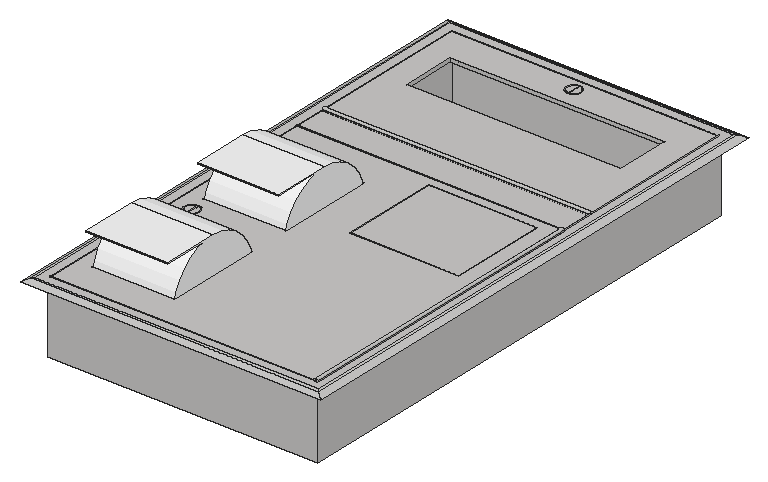
Revit family "Combination_Seat_Cover_Tissue_Dispenser_Napkin_Disposal-Bobrick-ClassicSeries-B-35745", category Specialty Equipment, host Face, Revit 2014
Parameters (values of type "B-35745")
  Width = 17 3/16"  # constant formula
  Warranty Information = "1 Year Limited Warranty"  # constant formula
  URL = "http://www.bobrick.com/"
  Type Comments = ""
  Revised Date = "04/11/2018"  # constant formula
  Product Page URL = "http://www.bobrick.com/washroomaccessories/Pages/ProductDetails.aspx?Product+Number%3DB-35745"
  Product Documentation Link = "http://www.bobrick.com/Documents/B-35745_td.pdf"
  Price = "Prices may vary. Please consult Manufacturer Representative for most up-to-date price list."  # constant formula
  Model = "B-35745"
  Material = "Stainless Steel-Bobrick-Type 304-Satin"
  Length = 3 15/16"  # constant formula
  Installation Type = "Wall Mounted"  # constant formula
  Height = 30 5/8"  # constant formula
  Finish = Stainless Steel-Bobrick-Type 304-Satin
  Manufacturer = "Bobrick"  # constant formula
  Description = "ClassicSeries® Recessed Seat-Cover Dispenser, Sanitary Napkin Disposal, and Toilet Tissue Dispenser"
  Default Elevation = 38 23/32"  # constant formula
  Assembly Code = "E1090900"
Reference planes (in)
  plane 1 "Center (Front/Back)": y = 0
  plane 2: z = 0
  plane 3 "Center (Left/Right)": x = 0
  plane 4: y = 15.3125
  plane 5: x = -8.59375
  plane 6: y = -15.3125
  plane 7: x = 8.59375
  plane 8: y = 14.36893
  plane 9: y = -14.36893
  plane 10: z = -3.9375
  plane 11: z = 0.1875
  plane 12: y = 14.375
  plane 13: y = -14.375
  plane 14: y = 14.91842
  plane 15: y = -14.91842
  plane 16: y = 1.0625
  plane 17: y = -9.6875
Forms (in)
  Sweep 1, solid, material "Stainless Steel-Bobrick-Type 304-Satin" <- "Finish"
    path origin (0, 0, 0) x (1, 0, 0) y (0, 1, 0)
      loop
        line (-8.59375, 15.3125) -> (-8.59375, -15.3125) -> (8.59375, -15.3125) -> (8.59375, 15.3125) -> (-8.59375, 15.3125)
    profile origin (0, 15.3125, 0) x (0, 1, 0) y (0, 0, 1)
      loop
        line (0, 0) -> (-0.33571, 0.15973)
        arc (-0.33571, 0.15973) -> (-0.39567, 0.18047) -> (-0.45873, 0.1875) r 0.28634
        line (-0.45873, 0.1875) -> (-0.94357, 0.1875) -> (-0.94357, -3.86607) -> (-2.44357, -3.86607) -> (-2.44357, -3.9375) -> (-0.88676, -3.9375) -> (-0.88676, 0) -> (0, 0)
  Extrusion 2, solid, material "Stainless Steel-Bobrick-Type 304-Satin" <- "Finish"
    sketch origin (0, 0, 0) x (1, 0, 0) y (0, 1, 0)
      loop
        line (-6.15018, 12.86893) -> (-6.15018, -12.86893) -> (6.15018, -12.86893) -> (6.15018, 12.86893) -> (-6.15018, 12.86893)
    from -3.9375 to -3.86607
  Extrusion 3, solid, material "Stainless Steel-Bobrick-Type 304-Satin" <- "Finish"
    sketch origin (0, 0, 0) x (1, 0, 0) y (0, 1, 0)
      loop
        line (7.43533, -14.33768) -> (7.43533, 3.28125) -> (-7.67574, 3.28125) -> (-7.67574, -14.33768) -> (7.43533, -14.33768)
      loop
        line (-7.67574, 14.39449) -> (-7.67574, 3.3125) -> (7.65018, 3.3125) -> (7.65018, 14.39449) -> (-7.67574, 14.39449)
      loop
        line (-6.15018, 12.38395) -> (-6.15018, 9.26947) -> (6.15018, 9.26947) -> (6.15018, 12.38395) -> (-6.15018, 12.38395)
      loop
        line (-6.75599, 1.0625) -> (-6.75599, -4.54184) -> (-2.00599, -4.54184) -> (-2.00599, 1.0625) -> (-6.75599, 1.0625)
      loop
        line (-6.75599, -6.89994) -> (-6.75599, -12.50428) -> (-2.00599, -12.50428) -> (-2.00599, -6.89994) -> (-6.75599, -6.89994)
      loop
        line (0.32853, 2.76428) -> (0.32853, -2.8986) -> (6.57853, -2.8986) -> (6.57853, 2.76428) -> (0.32853, 2.76428)
      loop
        line (0.35978, 2.73303) -> (0.35978, -2.86735) -> (6.54728, -2.86735) -> (6.54728, 2.73303) -> (0.35978, 2.73303)
    from 0 to 0.1875
  Extrusion 4, solid, material "Stainless Steel-Bobrick-Type 304-Satin" <- "Finish"
    sketch origin (0, 0, 0) x (1, 0, 0) y (0, 0, 1)
      loop
        circle (7.54291, 0.16406) r 0.10637
    from -3.3125 to 14.36893
  Extrusion 5, solid, material "Tissue-Bobrick-White"
    sketch origin (0, 0, 0) x (0, 1, 0) y (0, 0, 1)
      loop
        arc (-10.20209, 2.19062) -> (-9.42915, -3.46819) -> (-9.6875, 2.23731) r 2.8586
        line (-9.6875, 2.23731) -> (-12.9375, 2.23731) -> (-12.9375, 2.19062) -> (-10.20209, 2.19062)
      loop
        arc (-2.23965, 2.19062) -> (-1.46671, -3.46819) -> (-1.72506, 2.23731) r 2.8586
        line (-1.72506, 2.23731) -> (-4.97506, 2.23731) -> (-4.97506, 2.19062) -> (-2.23965, 2.19062)
    from -6.71836 to -2.04555
  Extrusion 6, solid, material "Stainless Steel-Bobrick-Type 304-Satin" <- "Finish"
    sketch origin (13.02867, -2.27169, 0) x (0, 1, 0) y (0, 0, 1)
      loop
        circle (7.54291, 0.16406) r 0.10637
    from -20.70712 to -5.37849
  Extrusion 7, void
    sketch origin (0, 0, 0) x (1, 0, 0) y (0, 1, 0)
      loop
        circle (0, 13.57868) r 0.445
      loop
        circle (0, 13.57868) r 0.36963
      loop
        line (-0.04647, 13.82969) -> (-0.04647, 13.30811) -> (0.04512, 13.30811) -> (0.04512, 13.82969) -> (-0.04647, 13.82969)
      loop
        circle (-6.51687, -5.61185) r 0.445
      loop
        circle (-6.51687, -5.61185) r 0.36963
      loop
        line (-6.56334, -5.36084) -> (-6.56334, -5.88242) -> (-6.47174, -5.88242) -> (-6.47174, -5.36084) -> (-6.56334, -5.36084)
    from 0.09161 to 0.49407
  Extrusion 8, void
    sketch origin (0, 0, 0) x (1, 0, 0) y (0, 1, 0)
      loop
        line (-7.70699, 14.42574) -> (-7.70699, -14.42574) -> (7.70699, -14.42574) -> (7.70699, 14.42574) -> (-7.70699, 14.42574)
    from -3.9375 to 0.65012
Cuts and joins
  Extrusion 7 cuts Extrusion 3
  joined: Sweep 1, Extrusion 2, Extrusion 6
Dimensions and locks (in)
  equal spacing: plane 5, plane 3 "Center (Left/Right)", plane 7
  "Width": plane 5 to plane 7
  equal spacing: plane 4, plane 1 "Center (Front/Back)", plane 6
  "Height": plane 4 to plane 6
  "Length": level to plane 10
  locked: plane 11 to level at 0.1875
  equal spacing: plane 12, plane 1 "Center (Front/Back)", plane 13
  locked: plane 12 to plane 13 at 28.75
  plane 16 to plane 6 = 16 3/8"
  plane 17 to plane 6 = 5 5/8"
  cut or joined group of Extrusion 3, Extrusion 7 to plane 1 "Center (Front/Back)" = 9.26947"
  aligned and locked: plane 2 to host face
  aligned and locked: level to host face
  aligned and locked: Sweep 1 sketch curve to plane 4
  aligned and locked: plane 5 to Sweep 1 sketch curve
  aligned and locked: Sweep 1 sketch curve to plane 6
  aligned and locked: plane 7 to Sweep 1 sketch curve
  aligned and locked: Extrusion 2 sketch curve to Sweep 1  (x4)
  aligned and locked: Extrusion 2 to plane 10
  aligned and locked: Sweep 1 to Extrusion 2
  aligned and locked: Extrusion 8 to plane 10
Automatic sketch dimensions
  host sketch curve to host sketch curve = 96"  (x2)
  Sweep 1 sketch curve to level = 0"
  Sweep 1 sketch curve to profile plane = 0"
  level to Sweep 1 sketch curve = 0.15973"
  profile plane to Sweep 1 sketch curve = 0.33571"
  Sweep 1 sketch curve to level = 0.09884"
  Sweep 1 sketch curve to Sweep 1 sketch curve = 0.12302"
  profile plane to Sweep 1 sketch curve = 0.88676"
  Sweep 1 sketch curve to Sweep 1 sketch curve = 0.05681"
  Sweep 1 sketch curve to Sweep 1 sketch curve = 1 1/2"
  Sweep 1 sketch curve to Sweep 1 sketch curve = 3.76724"
  Sweep 1 sketch curve to Sweep 1 sketch curve = 0.07143"
  Extrusion 4 sketch curve to plane 11 = 3/128"
  plane 7 to Extrusion 4 sketch curve = 1.05084"
  Extrusion 5 sketch curve to plane 17 = 0"
  Extrusion 5 sketch curve to plane 17 = 0.51459"
  Extrusion 5 sketch curve to plane 9 = 1.43143"
  plane 11 to Extrusion 5 sketch curve = 2.04981"
  Extrusion 5 sketch curve to Extrusion 5 sketch curve = 4.71244"
  plane 1 "Center (Front/Back)" to Extrusion 5 sketch curve = 2.23965"
  Extrusion 5 sketch curve to level = 0.62128"  (x2)
  plane 1 "Center (Front/Back)" to Extrusion 5 sketch curve = 1.72506"
  plane 11 to Extrusion 5 sketch curve = 2.00312"
  Extrusion 6 sketch curve to plane 11 = 3/128"
  plane 16 to Extrusion 6 sketch curve = 4.20872"
  Extrusion 3 sketch curve to plane 16 = 0"
  plane 5 to Extrusion 3 sketch curve = 0.91801"  (x2)
  plane 5 to Extrusion 3 sketch curve = 1.83776"  (x2)
  plane 5 to Extrusion 3 sketch curve = 2.44357"
  Extrusion 3 sketch curve to plane 3 "Center (Left/Right)" = 2.00599"  (x2)
  plane 3 "Center (Left/Right)" to Extrusion 3 sketch curve = 0.32853"
  Extrusion 3 sketch curve to Extrusion 3 sketch curve = 1/32"  (x5)
  plane 7 to Extrusion 3 sketch curve = 2.44357"
  plane 7 to Extrusion 3 sketch curve = 0.94357"
  plane 1 "Center (Front/Back)" to Extrusion 3 sketch curve = 2.86735"
  plane 1 "Center (Front/Back)" to Extrusion 3 sketch curve = 4.54184"
  Extrusion 3 sketch curve to Extrusion 3 sketch curve = 2.35809"
  Extrusion 3 sketch curve to plane 9 = 1.86465"
  Extrusion 3 sketch curve to plane 9 = 1/32"
  plane 16 to Extrusion 3 sketch curve = 1.67053"
  plane 16 to Extrusion 3 sketch curve = 2 7/32"
  Extrusion 3 sketch curve to plane 8 = 5.09946"
  Extrusion 3 sketch curve to plane 8 = 1.98498"
  plane 12 to Extrusion 3 sketch curve = 0.01949"
  Extrusion 3 sketch curve to Extrusion 3 sketch curve = 0.8568"
  Extrusion 3 sketch curve to Extrusion 3 sketch curve = 55/256"
  plane 13 to Extrusion 8 sketch curve = 0.05074"
  plane 5 to Extrusion 8 sketch curve = 0.88676"
  plane 7 to Extrusion 8 sketch curve = 0.88676"
  plane 12 to Extrusion 8 sketch curve = 0.05074"
  Extrusion 7 sketch curve to Extrusion 7 sketch curve = 0"  (x4)
  Extrusion 7 sketch curve to plane 3 "Center (Left/Right)" = 0"
  Extrusion 7 sketch curve to plane 3 "Center (Left/Right)" = 0.04647"
  plane 5 to Extrusion 7 sketch curve = 2.12201"
  Extrusion 7 sketch curve to Extrusion 7 sketch curve = 0.04512"
  Extrusion 7 sketch curve to Extrusion 7 sketch curve = 0.0916"
  plane 3 "Center (Left/Right)" to Extrusion 7 sketch curve = 0.04512"
  plane 17 to Extrusion 7 sketch curve = 3.80508"
  Extrusion 7 sketch curve to Extrusion 7 sketch curve = 0.27057"  (x2)
  Extrusion 7 sketch curve to Extrusion 7 sketch curve = 0.25102"  (x2)
  Extrusion 7 sketch curve to plane 8 = 1.06082"
  radius of Extrusion 4 sketch curve = 0.10637"
  radius of Extrusion 6 sketch curve = 0.10637"
  radius of Extrusion 7 sketch curve = 0.445"  (x2)
  radius of Extrusion 7 sketch curve = 0.36963"  (x2)
